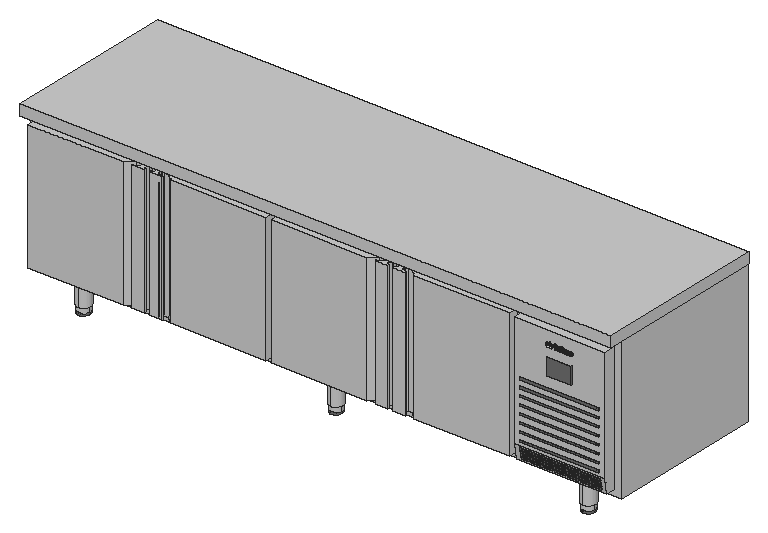
Revit family "QF_INFRICO_MR2750_250813034759", category Specialty Equipment, Revit 2021 (continued)
Definition of nested family "QF_INFRICO_WORKTOP_7964"
  Types (38, lengths in mm): name | Model | Length | Description | Depth
    WRKT10_30 | "WRKT10_30" | 1000 | "WORKTOP WHITOUT BACKSPLASH 1000_300" | 300
    WRKT10_60 | "WRKT10_60" | 1000 | "WORKTOP WHITOUT BACKSPLASH 1000_600" | 600
    WRKT15_30 | "WRKT15_30" | 1468 | "WORKTOP WHITOUT BACKSPLASH 1500_300" | 300
    WRKT15_60 | "WRKT15_60" | 1468 | "WORKTOP WHITOUT BACKSPLASH 1500_600" | 600
    WRKT20_30 | "WRKT20_30" | 1960 | "WORKTOP WHITOUT BACKSPLASH 2000_300" | 300
    WRKT20_60 | "WRKT20_60" | 1960 | "WORKTOP WHITOUT BACKSPLASH 2000_600" | 600
    WRKT25_30 | "WRKT25_30" | 2452 | "WORKTOP WHITOUT BACKSPLASH 2500_300" | 300
    WRKT25_60 | "WRKT25_60" | 2452 | "WORKTOP WHITOUT BACKSPLASH 2500_600" | 600
    WRKT15_60_MT | "WRKT15_60_MT" | 1500 | "WORKTOP WHITOUT BACKSPLASH 1500_600" | 600
    WRKT15_70_MT | "WRKT15_70_MT" | 1500 | "WORKTOP WHITOUT BACKSPLASH 1500_700" | 700
    WRKT20_70_MT | "WRKT20_70_MT" | 2000 | "WORKTOP WHITOUT BACKSPLASH 2000_700" | 700
    WRKT20_60_MT | "WRKT20_60_MT" | 2000 | "WORKTOP WHITOUT BACKSPLASH 2000_600" | 600
    WRKT10_70_MT | "WRKT10_70_MT" | 1000 | "WORKTOP WHITOUT BACKSPLASH 1000_700" | 700
  Reference planes
    plane 1 "Back": y = 0
    plane 2: z = 0
    plane 3 "Left": x = 0
    plane 4 "Right": x = 1960
    plane 5 "Front": y = -300
    plane 6 "Top": z = 50
  Forms (mm)
    Extrusion 1, solid
      sketch origin (0, 0, -800) x (0, 1, 0) y (0, 0, 1)
        loop
          line (0, 850) -> (-300, 850) -> (-300, 800) -> (0, 800) -> (0, 850)
      from 0 to 1960
  Lines and regions (mm)
    symbolic lines
      curve 1: line (1960, 0, 0) -> (0, 0, 0)
      curve 2: line (0, 0, 0) -> (0, -300, 0)
      curve 3: line (0, -300, 0) -> (1960, -300, 0)
      curve 4: line (1960, -300, 0) -> (1960, 0, 0)
  Dimensions and locks
    plane 4 "Right" to plane 3 "Left" = 1960 mm
    plane 6 "Top" to level = 50 mm
    plane 1 "Back" to plane 5 "Front" = 300 mm
    "Length": plane 3 "Left" to plane 4 "Right"
    "Depth": plane 1 "Back" to plane 5 "Front"
    aligned and locked: level to plane 2
    aligned and locked: Extrusion 1 to plane 4 "Right"
  Automatic sketch dimensions
    plane 1 "Back" to curve 1 = 0 mm
    curve 1 to plane 3 "Left" = 0 mm
    curve 3 to plane 4 "Right" = 0 mm
    curve 3 to plane 5 "Front" = 0 mm
    Extrusion 1 sketch curve to plane 5 "Front" = 0 mm
    Extrusion 1 sketch curve to level = 0 mm
    Extrusion 1 sketch curve to plane 1 "Back" = 0 mm
    Extrusion 1 sketch curve to plane 6 "Top" = 0 mm
Definition of nested family "QF_INFRICO_LEGS_8808"
  Parameters (values of type "LEGS_2190_740")
    Weight [instance] = 0.00 kg
    Warranty Start Date [instance] = ""
    Warranty Duration [instance] = ""
    URL Cutsheet [instance] = ""
    URL = "www.infrico.com"
    Technical Documentation [instance] = ""
    Tag Number [instance] = ""
    Status [instance] = ""
    Specification by User [instance] = ""
    Specification by Manufacturer [instance] = ""
    Sound Level [instance] = ""
    Solid Fuel Type [instance] = ""
    Show Logo [instance] = yes
    Show Clearances [instance] = yes
    Show Clearance [instance] = yes
    Service Life Duration [instance] = ""
    Serial Number [instance] = ""
    Seismic Rating [instance] = ""
    SMACNA No [instance] = ""
    Revision Code [instance] = ""
    Revision [instance] = ""
    Production Year [instance] = ""
    Point Load [instance] = 0
    Other Equipment Approvals [instance] = ""
    NAFEM Spec ID Number [instance] = ""
    Model Warning [instance] = ""
    Model = "LEGS_2190_740"
    Masterspec [instance] = ""
    Manufacturer = "INFRICO"
    Length Actual [instance] = 0 mm
    Length = 2185 mm
    Item Number [instance] = ""
    Installed By [instance] = ""
    Installation Date [instance] = ""
    Identify Quantity as Lot [instance] = yes
    ID [instance] = ""
    Hygiene Approval [instance] = ""
    Height Actual [instance] = 0 mm
    Height = 140 mm
    Furnished By [instance] = ""
    Foodservice Equipment Identifier [instance] = yes
    ETL Approved [instance] = yes
    Description = "LEGS"
    Depth Actual [instance] = 0 mm
    Depth = 738 mm
    Default Elevation = 0 mm
    CentralLegs = if(or(Length > 2200 mm, Length = 2144 mm), 2 > 1, 2 < 1)  # no
    CSI MasterFormat [instance] = ""
    CE Approved [instance] = yes
    Barcode [instance] = ""
    Author [instance] = ""
    Asset Identifier [instance] = ""
    Assembly Code = "E1090320"
    Accessory [instance] = yes
  Types (29, lengths in mm): name | Model | Length | Height | Depth | CentralLegs
    LEGS_1960_700 | "LEGS_1960_700" | 1960 | 140 | 700 | no
    LEGS_1470_700 | "LEGS_1470_700" | 1468 | 140 | 700 | no
    LEGS_2450_700 | "LEGS_2450_700" | 2452 | 140 | 700 | yes
    LEGS_1470_600 | "LEGS_1470_600" | 1468 | 140 | 600 | no
    LEGS_1960_600 | "LEGS_1960_600" | 1960 | 140 | 600 | no
    LEGS_2450_600 | "LEGS_2450_600" | 2452 | 140 | 600 | yes
    LEGS_1610_800 | "LEGS_1610_800" | 1618 | 140 | 800 | no
    LEGS_2190_800 | "LEGS_2190_800" | 2185 | 140 | 800 | no
    LEGS_2750_800 | "LEGS_2750_800" | 2752 | 140 | 800 | yes
    LEGS_1160_700 | "LEGS_1160_700" | 1160 | 140 | 700 | no
    LEGS_1650_700 | "LEGS_1650_700" | 1652 | 140 | 700 | no
    LEGS_2140_700 | "LEGS_2140_700" | 2144 | 140 | 700 | yes
    LEGS_1960_640 | "LEGS_1960_640" | 1960 | 140 | 638 | no
    LEGS_1470_640 | "LEGS_1470_640" | 1468 | 140 | 638 | no
    LEGS_1160_600 | "LEGS_1160_600" | 1160 | 140 | 600 | no
    LEGS_1650_600 | "LEGS_1650_600" | 1652 | 140 | 600 | no
    LEGS_1310_800 | "LEGS_1310_800" | 1310 | 140 | 800 | no
    LEGS_1890_800 | "LEGS_1890_800" | 1877 | 140 | 800 | no
    LEGS_2440_800 | "LEGS_2440_800" | 2444 | 140 | 800 | yes
    LEGS_1610_740 | "LEGS_1610_740" | 1618 | 140 | 738 | no
    LEGS_2190_740 | "LEGS_2190_740" | 2185 | 140 | 738 | no
    LEGS_2140_600 | "LEGS_2140_600" | 2144 | 140 | 600 | yes
    LEGS_980_800 | "LEGS_980_800" | 980 | 150 | 800 | no
    LEGS_1470_800 | "LEGS_1470_800" | 1468 | 150 | 800 | no
    LEGS_1740_800 | "LEGS_1740_800" | 1738 | 140 | 800 | no
    LEGS_2300_800 | "LEGS_2300_800" | 2305 | 140 | 800 | yes
    LEGS_1690_800 | "LEGS_1690_800" | 1693 | 140 | 800 | no
    LEGS_2260_800 | "LEGS_2260_800" | 2260 | 140 | 800 | yes
    LEGS_1460_700 | "LEGS_1460_700" | 1460 | 140 | 700 | no
  Reference planes
    plane 1 "Back": y = 0
    plane 2: z = 0
    plane 3 "Left": x = 0
    plane 4 "Right": x = 2185
    plane 5 "Front": y = -738
    plane 6 "Top": z = 140
    plane 7 "Central": x = 1092.5
  Forms (mm)
    Extrusion 1, solid
      sketch origin (0, 0, 140) x (0, 1, 0) y (-1, 0, 0)
        loop
          line (-568, -154.986) -> (-668, -154.986) -> (-668, -244.986) -> (-568, -244.986) -> (-568, -154.986)
      from 0 to -3
    Extrusion 2, solid
      sketch origin (0, 0, 0) x (1, 0, 0) y (0, 1, 0)
        loop
          circle (199.986, -618) r 28
      from 9 to 35
    Extrusion 3, solid
      sketch origin (0, 0, 0) x (1, 0, 0) y (0, 1, 0)
        loop
          circle (199.986, -618) r 28.5
      from 0 to 9
    Sweep 4, solid
      path origin (0, 0, 0) x (0, 1, 0) y (0, 0, 1)
        loop
          line (-618, 35) -> (-618, 137)
      profile origin (0, -618, 86) x (0, -1, 0) y (1, 0, 0)
        loop
          circle (0, 199.986) r 32
    Extrusion 5, solid
      sketch origin (0, 500, 140) x (0, 1, 0) y (-1, 0, 0)
        loop
          line (-530, -154.986) -> (-630, -154.986) -> (-630, -244.986) -> (-530, -244.986) -> (-530, -154.986)
      from 0 to -3
    Extrusion 6, solid
      sketch origin (0, 500, 0) x (1, 0, 0) y (0, 1, 0)
        loop
          circle (199.986, -580) r 28
      from 9 to 35
    Extrusion 7, solid
      sketch origin (0, 500, 0) x (1, 0, 0) y (0, 1, 0)
        loop
          circle (199.986, -580) r 28.5
      from 0 to 9
    Sweep 8, solid
      path origin (0, 500, 0) x (0, 1, 0) y (0, 0, 1)
        loop
          line (-580, 35) -> (-580, 137)
      profile origin (0, -80, 86) x (0, -1, 0) y (1, 0, 0)
        loop
          circle (0, 199.986) r 32
    Extrusion 9, solid
      sketch origin (1560, 0, 140) x (0, 1, 0) y (-1, 0, 0)
        loop
          line (-568, -379.986) -> (-668, -379.986) -> (-668, -469.986) -> (-568, -469.986) -> (-568, -379.986)
      from 0 to -3
    Extrusion 10, solid
      sketch origin (1560, 0, 0) x (1, 0, 0) y (0, 1, 0)
        loop
          circle (424.986, -618) r 28
      from 9 to 35
    Extrusion 11, solid
      sketch origin (1560, 0, 0) x (1, 0, 0) y (0, 1, 0)
        loop
          circle (424.986, -618) r 28.5
      from 0 to 9
    Sweep 12, solid
      path origin (2185, 0, 0) x (0, -1, 0) y (0, 0, 1)
        loop
          line (618, 35) -> (618, 137)
      profile origin (2185, -618, 86) x (0, 1, 0) y (-1, 0, 0)
        loop
          circle (0, 199.986) r 32
    Extrusion 13, solid
      sketch origin (1560, 500, 140) x (0, 1, 0) y (-1, 0, 0)
        loop
          line (-530, -379.986) -> (-630, -379.986) -> (-630, -469.986) -> (-530, -469.986) -> (-530, -379.986)
      from 0 to -3
    Extrusion 14, solid
      sketch origin (1560, 500, 0) x (1, 0, 0) y (0, 1, 0)
        loop
          circle (424.986, -580) r 28
      from 9 to 35
    Extrusion 15, solid
      sketch origin (1560, 500, 0) x (1, 0, 0) y (0, 1, 0)
        loop
          circle (424.986, -580) r 28.5
      from 0 to 9
    Sweep 16, solid
      path origin (2185, 0, 0) x (0, -1, 0) y (0, 0, 1)
        loop
          line (80, 35) -> (80, 137)
      profile origin (2185, -80, 86) x (0, 1, 0) y (-1, 0, 0)
        loop
          circle (0, 199.986) r 32
    Extrusion 17, solid, visible <- "CentralLegs"
      sketch origin (534.014, 0, 140) x (0, 1, 0) y (-1, 0, 0)
        loop
          line (-568, -513.486) -> (-668, -513.486) -> (-668, -603.486) -> (-568, -603.486) -> (-568, -513.486)
      from 0 to -3
    Extrusion 18, solid, visible <- "CentralLegs"
      sketch origin (534.014, 0, 0) x (1, 0, 0) y (0, 1, 0)
        loop
          circle (558.486, -618) r 28
      from 9 to 35
    Extrusion 19, solid, visible <- "CentralLegs"
      sketch origin (534.014, 0, 0) x (1, 0, 0) y (0, 1, 0)
        loop
          circle (558.486, -618) r 28.5
      from 0 to 9
    Sweep 20, solid, visible <- "CentralLegs"
      path origin (1092.5, 0, 0) x (0, -1, 0) y (0, 0, 1)
        loop
          line (618, 35) -> (618, 137)
      profile origin (1092.5, -618, 86) x (0, 1, 0) y (-1, 0, 0)
        loop
          circle (0, -0.014) r 32
    Extrusion 21, solid, visible <- "CentralLegs"
      sketch origin (534.014, 500, 140) x (0, 1, 0) y (-1, 0, 0)
        loop
          line (-530, -513.486) -> (-630, -513.486) -> (-630, -603.486) -> (-530, -603.486) -> (-530, -513.486)
      from 0 to -3
    Extrusion 22, solid, visible <- "CentralLegs"
      sketch origin (534.014, 500, 0) x (1, 0, 0) y (0, 1, 0)
        loop
          circle (558.486, -580) r 28
      from 9 to 35
    Extrusion 23, solid, visible <- "CentralLegs"
      sketch origin (534.014, 500, 0) x (1, 0, 0) y (0, 1, 0)
        loop
          circle (558.486, -580) r 28.5
      from 0 to 9
    Sweep 24, solid, visible <- "CentralLegs"
      path origin (1092.5, 0, 0) x (0, -1, 0) y (0, 0, 1)
        loop
          line (80, 35) -> (80, 137)
      profile origin (1092.5, -80, 86) x (0, 1, 0) y (-1, 0, 0)
        loop
          circle (0, -0.014) r 32
  Dimensions and locks
    "Length": plane 3 "Left" to plane 4 "Right"
    "Depth": plane 1 "Back" to plane 5 "Front"
    "Height": plane 6 "Top" to plane 2
    equal spacing: plane 3 "Left", plane 7 "Central", plane 4 "Right"
    locked: Sweep 20 sketch curve to profile plane at 0.014
    locked: Sweep 24 sketch curve to profile plane at 0.014
    aligned and locked: level to plane 2
  Automatic sketch dimensions
    plane 5 "Front" to Extrusion 1 sketch curve = 70 mm
    Extrusion 1 sketch curve to Extrusion 1 sketch curve = 100 mm
    plane 3 "Left" to Extrusion 1 sketch curve = 244.986 mm
    Extrusion 1 sketch curve to Extrusion 1 sketch curve = 90 mm
    plane 3 "Left" to Extrusion 2 sketch curve = 199.986 mm
    plane 5 "Front" to Extrusion 2 sketch curve = 120 mm
    plane 3 "Left" to Extrusion 3 sketch curve = 199.986 mm
    plane 5 "Front" to Extrusion 3 sketch curve = 120 mm
    Sweep 4 sketch curve to plane 6 "Top" = 3 mm
    plane 5 "Front" to Sweep 4 sketch curve = 120 mm
    level to Sweep 4 sketch curve = 35 mm
    Sweep 4 sketch curve to profile plane = 0 mm
    plane 3 "Left" to Sweep 4 sketch curve = 199.986 mm
    plane 1 "Back" to Extrusion 5 sketch curve = 130 mm
    plane 1 "Back" to Extrusion 5 sketch curve = 30 mm
    plane 3 "Left" to Extrusion 5 sketch curve = 244.986 mm
    Extrusion 5 sketch curve to Extrusion 5 sketch curve = 90 mm
    plane 1 "Back" to Extrusion 6 sketch curve = 80 mm
    plane 3 "Left" to Extrusion 6 sketch curve = 199.986 mm
    plane 1 "Back" to Extrusion 7 sketch curve = 80 mm
    plane 3 "Left" to Extrusion 7 sketch curve = 199.986 mm
    Sweep 8 sketch curve to plane 6 "Top" = 3 mm
    plane 1 "Back" to Sweep 8 sketch curve = 80 mm
    level to Sweep 8 sketch curve = 35 mm
    Sweep 8 sketch curve to profile plane = 0 mm
    plane 3 "Left" to Sweep 8 sketch curve = 199.986 mm
    plane 5 "Front" to Extrusion 9 sketch curve = 70 mm
    Extrusion 9 sketch curve to Extrusion 9 sketch curve = 100 mm
    plane 4 "Right" to Extrusion 9 sketch curve = 155.014 mm
    Extrusion 9 sketch curve to Extrusion 9 sketch curve = 90 mm
    plane 4 "Right" to Extrusion 10 sketch curve = 200.014 mm
    plane 5 "Front" to Extrusion 10 sketch curve = 120 mm
    plane 4 "Right" to Extrusion 11 sketch curve = 200.014 mm
    plane 5 "Front" to Extrusion 11 sketch curve = 120 mm
    Sweep 12 sketch curve to profile plane = 0 mm
    profile plane to Sweep 12 sketch curve = 199.986 mm
    plane 1 "Back" to Extrusion 13 sketch curve = 130 mm
    plane 1 "Back" to Extrusion 13 sketch curve = 30 mm
    plane 4 "Right" to Extrusion 13 sketch curve = 155.014 mm
    Extrusion 13 sketch curve to Extrusion 13 sketch curve = 90 mm
    plane 1 "Back" to Extrusion 14 sketch curve = 80 mm
    plane 4 "Right" to Extrusion 14 sketch curve = 200.014 mm
    plane 1 "Back" to Extrusion 15 sketch curve = 80 mm
    plane 4 "Right" to Extrusion 15 sketch curve = 200.014 mm
    Sweep 16 sketch curve to profile plane = 0 mm
    profile plane to Sweep 16 sketch curve = 199.986 mm
    plane 5 "Front" to Extrusion 17 sketch curve = 70 mm
    Extrusion 17 sketch curve to plane 7 "Central" = 45 mm
    Extrusion 17 sketch curve to Extrusion 17 sketch curve = 100 mm
    plane 7 "Central" to Extrusion 17 sketch curve = 45 mm
    Extrusion 18 sketch curve to plane 7 "Central" = 0 mm
    plane 5 "Front" to Extrusion 18 sketch curve = 120 mm
    Extrusion 19 sketch curve to plane 7 "Central" = 0 mm
    plane 5 "Front" to Extrusion 19 sketch curve = 120 mm
    Sweep 20 sketch curve to profile plane = 0 mm
    plane 7 "Central" to Extrusion 21 sketch curve = 45 mm
    plane 1 "Back" to Extrusion 21 sketch curve = 130 mm
    plane 1 "Back" to Extrusion 21 sketch curve = 30 mm
    Extrusion 21 sketch curve to plane 7 "Central" = 45 mm
    Extrusion 22 sketch curve to plane 7 "Central" = 0 mm
    plane 1 "Back" to Extrusion 22 sketch curve = 80 mm
    Extrusion 23 sketch curve to plane 7 "Central" = 0 mm
    plane 1 "Back" to Extrusion 23 sketch curve = 80 mm
    Sweep 24 sketch curve to profile plane = 0 mm
    Sweep 16 sketch curve to plane 6 "Top" = 3 mm
    plane 1 "Back" to Sweep 16 sketch curve = 80 mm
    level to Sweep 16 sketch curve = 35 mm
    Sweep 12 sketch curve to plane 6 "Top" = 3 mm
    plane 5 "Front" to Sweep 12 sketch curve = 120 mm
    level to Sweep 12 sketch curve = 35 mm
    Sweep 20 sketch curve to plane 6 "Top" = 3 mm
    plane 5 "Front" to Sweep 20 sketch curve = 120 mm
    level to Sweep 20 sketch curve = 35 mm
    Sweep 24 sketch curve to plane 6 "Top" = 3 mm
    plane 1 "Back" to Sweep 24 sketch curve = 80 mm
    level to Sweep 24 sketch curve = 35 mm
    radius of Extrusion 2 sketch curve = 28 mm
    radius of Extrusion 3 sketch curve = 28.5 mm
    radius of Sweep 4 sketch curve = 32 mm
    radius of Extrusion 6 sketch curve = 28 mm
    radius of Extrusion 7 sketch curve = 28.5 mm
    radius of Sweep 8 sketch curve = 32 mm
    radius of Extrusion 10 sketch curve = 28 mm
    radius of Extrusion 11 sketch curve = 28.5 mm
    radius of Sweep 12 sketch curve = 32 mm
    radius of Extrusion 14 sketch curve = 28 mm
    radius of Extrusion 15 sketch curve = 28.5 mm
    radius of Sweep 16 sketch curve = 32 mm
    radius of Extrusion 18 sketch curve = 28 mm
    radius of Extrusion 19 sketch curve = 28.5 mm
    radius of Sweep 20 sketch curve = 32 mm
    radius of Extrusion 22 sketch curve = 28 mm
    radius of Extrusion 23 sketch curve = 28.5 mm
    radius of Sweep 24 sketch curve = 32 mm
Definition of nested family "CONN_POINT_DRAIN_2D___Generic_Annotation"
  Parameters (values of type "CONN_POINT_DRAIN_2D___Generic_Annotation")
    Onboard connection annotation symbol visibility [instance] = yes
  Reference planes
    plane 1: y = 0
    plane 2: x = 0
  Lines and regions (mm)
    detail lines, visible <- "Onboard connection annotation symbol visibility"
      curve 1: circle (0, 0, 0) r 0.5 normal (0, 0, 1)
      curve 2: line (-1, 0, 0) -> (1, 0, 0)
      curve 3: line (0, 1, 0) -> (0, -1, 0)
      curve 4: line (1.776, 1, 0) -> (1.25, 1, 0)
      curve 5: line (1.25, 1, 0) -> (1.25, -1, 0)
      curve 6: line (1.25, -1, 0) -> (1.776, -1, 0)
      curve 7: arc (2.206, -0.862, 0) -> (2.459, -0.589, 0) -> (2.583, -0.238, 0) r 0.918
      curve 8: arc (2.583, 0.238, 0) -> (2.459, 0.589, 0) -> (2.206, 0.862, 0) r 0.918
      curve 9: arc (2.583, -0.238, 0) -> (2.599, 0, 0) -> (2.583, 0.238, 0) r 1.77
      curve 10: arc (2.206, 0.862, 0) -> (2.002, 0.965, 0) -> (1.776, 1, 0) r 0.741
      curve 11: arc (1.776, -1, 0) -> (2.002, -0.965, 0) -> (2.206, -0.862, 0) r 0.741
Definition of nested family "CONN_POINT_ELE_2D___Generic_Annotation"
  Parameters (values of type "CONN_POINT_ELE_2D___Generic_Annotation")
    Onboard connection annotation symbol visibility [instance] = yes
  Reference planes
    plane 1: y = 0
    plane 2: x = 0
  Lines and regions (mm)
    detail lines, visible <- "Onboard connection annotation symbol visibility"
      curve 1: circle (0, 0, 0) r 0.5 normal (0, 0, 1)
      curve 2: line (-1, 0, 0) -> (1, 0, 0)
      curve 3: line (0, 1, 0) -> (0, -1, 0)
      curve 4: line (2.5, 1, 0) -> (1.25, 1, 0)
      curve 5: line (1.25, 1, 0) -> (1.25, -1, 0)
      curve 6: line (1.25, -1, 0) -> (2.5, -1, 0)
      curve 7: line (1.25, 0, 0) -> (2, 0, 0)
